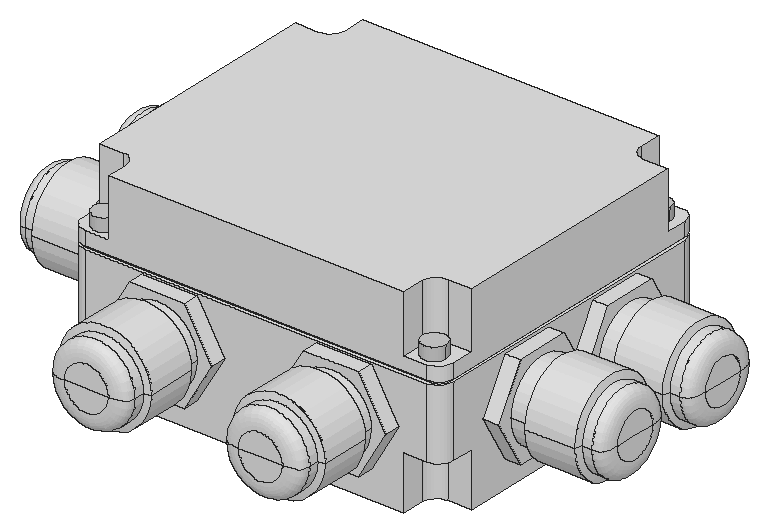
Revit family "ustroystvo soedinitelnoe_usb_sever", category Датчики, Revit 2016
Family settings
  Сохранять ориентацию аннотаций = Нет
  Тип детали = Нормальный
  Размер круглого соединителя = Использовать диаметр
  На основе рабочей плоскости = Нет
  Всегда вертикально = Да
  При загрузке вырезать с полостями = Нет
  Общий = Нет
  Точка расчета площади = Нет
Parameters (values of type "УС-4")
  Метизы = Металл
  Watermarked By = ""
  Type Comments = "﻿﻿                           ﻿       ﻿     ﻿       ​         ​       ​   ​                  ﻿      ​ ​  ​       ​     ​ ﻿​                    ﻿     ﻿       ﻿       ﻿     ​         ﻿               ﻿﻿"
  Изготовитель = "ООО НПП \"Магнито-Контакт\""
  Гермоввод = Пластик черный
  URL = "www.m-kontakt.ru"
  Keynote = "﻿﻿                           ﻿       ﻿     ﻿       ​         ​       ​   ​                  ﻿      ​ ​  ​       ​     ​ ﻿​                    ﻿     ﻿       ﻿       ﻿     ​         ﻿               ﻿﻿"
  Description = "﻿﻿                           ﻿       ﻿     ﻿       ​         ​       ​   ​                  ﻿      ​ ​  ​       ​     ​ ﻿​                    ﻿     ﻿       ﻿       ﻿     ​         ﻿               ﻿﻿"
  BL_Разработано = "support@bimlib.ru"  # constant formula
  BL_Email = "451694@bk.ru"  # constant formula
  BL_BIM library = "https://bimlib.ru/manufacturer/company/2873"
  Assembly Code = "﻿﻿                           ﻿       ﻿     ﻿       ​         ​       ​   ​                  ﻿      ​ ​  ​       ​     ​ ﻿​                    ﻿     ﻿       ﻿       ﻿     ​         ﻿               ﻿﻿"
  ADSK_Размер_Ширина = 157 mm
  ADSK_Размер_Длина = 200 mm
  ADSK_Размер_Высота = 67 mm
  ADSK_Примечание = ""
  ADSK_Позиция = ""
  ADSK_Обозначение = "АТФЕ.685552.001 ТУ"
  ADSK_Наименование = "Устройство соединительное УСБ «СЕВЕР»"
  ADSK_Материал = Пластик белый
  ADSK_Масса = 0.5
  ADSK_Код изделия = ""
  ADSK_Завод-изготовитель = "ООО НПП \"Магнито-Контакт\""
  ADSK_Единица измерения = "шт."
  ADSK_Версия Revit = "2016"  # constant formula
  ADSK_URL страницы изделия = ""
  ADSK_URL документации изделия = ""
Reference planes
  plane 1 "По центру (Вперед/Назад)": y = 0
  plane 2: z = 0
  plane 3 "По центру (Влево/Вправо)": x = 0
  plane 4: z = 67
  plane 5: x = -100
  plane 6: x = 100
  plane 7: y = 78.5
  plane 8: y = -78.5
  plane 9: x = -63
  plane 10: x = 63
  plane 11: y = 65
  plane 12: y = -43
Forms (mm)
  Revolve 1, solid, material "Пластик белый" <- "ADSK_Материал", detail levels fine
    sketch origin (-34.458, 27.906, 25.312) x (0, -1, 0) y (1, 0, 0)
      loop
        line (-15.46, -33.979) -> (-15.46, -40.804) -> (-17.762, -40.804) -> (-17.762, -57.606) -> (-15.46, -58.222) -> (-15.46, -61.652)
        spline (-15.46, -61.652) -> (-15.418, -62.273) -> (-15.292, -62.841) -> (-15.083, -63.354) -> (-14.79, -63.814) -> (-14.413, -64.219) -> (-13.952, -64.57) -> (-13.408, -64.867) -> (-12.78, -65.11) -> (-12.068, -65.3) -> (-11.272, -65.435) -> (-10.393, -65.516) -> (-9.43, -65.543)
        line (-9.43, -65.543) -> (-1.986, -65.543) -> (-1.986, -33.979) -> (-15.46, -33.979)
      axis (-1.986, -65.543) -> (-1.986, -33.979)
    angle from 0 to 360
  Extrusion 2, solid, material "Пластик белый" <- "ADSK_Материал", detail levels medium+fine
    sketch origin (0, 0, 0) x (1, 0, 0) y (0, 1, 0)
      loop
        arc (-58, 65) -> (-61.536, 63.536) -> (-63, 60) r 5
        line (-63, 60) -> (-63, -38)
        arc (-63, -38) -> (-61.536, -41.536) -> (-58, -43) r 5
        line (-58, -43) -> (58, -43)
        arc (58, -43) -> (61.536, -41.536) -> (63, -38) r 5
        line (63, -38) -> (63, 60)
        arc (63, 60) -> (61.536, 63.536) -> (58, 65) r 5
        line (58, 65) -> (-58, 65)
    from 0 to 67
  Extrusion 3, void
    sketch origin (0, 0, 0) x (1, 0, 0) y (0, 1, 0)
      loop
        line (-63, 65) -> (-63, 52.563) -> (-55.14, 52.563)
        arc (-55.14, 52.563) -> (-51.605, 54.027) -> (-50.14, 57.563) r 5
        line (-50.14, 57.563) -> (-50.14, 65) -> (-63, 65)
      loop
        line (63, 65) -> (50.14, 65) -> (50.14, 57.563)
        arc (50.14, 57.563) -> (51.605, 54.027) -> (55.14, 52.563) r 5
        line (55.14, 52.563) -> (63, 52.563) -> (63, 65)
      loop
        line (-63, -43) -> (-50.14, -43) -> (-50.14, -35.563)
        arc (-50.14, -35.563) -> (-51.605, -32.027) -> (-55.14, -30.563) r 5
        line (-55.14, -30.563) -> (-63, -30.563) -> (-63, -43)
      loop
        line (63, -43) -> (63, -30.563) -> (55.14, -30.563)
        arc (55.14, -30.563) -> (51.605, -32.027) -> (50.14, -35.563) r 5
        line (50.14, -35.563) -> (50.14, -43) -> (63, -43)
    from 0 to 18.199
  Extrusion 4, void
    sketch origin (0, 0, 67.764) x (0, -1, 0) y (1, 0, 0)
      loop
        line (-65, -63) -> (-52.563, -63) -> (-52.563, -55.14)
        arc (-52.563, -55.14) -> (-54.027, -51.605) -> (-57.563, -50.14) r 5
        line (-57.563, -50.14) -> (-65, -50.14) -> (-65, -63)
      loop
        line (-65, 63) -> (-65, 50.14) -> (-57.563, 50.14)
        arc (-57.563, 50.14) -> (-54.027, 51.605) -> (-52.563, 55.14) r 5
        line (-52.563, 55.14) -> (-52.563, 63) -> (-65, 63)
      loop
        line (43, -63) -> (43, -50.14) -> (35.563, -50.14)
        arc (35.563, -50.14) -> (32.027, -51.605) -> (30.563, -55.14) r 5
        line (30.563, -55.14) -> (30.563, -63) -> (43, -63)
      loop
        line (43, 63) -> (30.563, 63) -> (30.563, 55.14)
        arc (30.563, 55.14) -> (32.027, 51.605) -> (35.563, 50.14) r 5
        line (35.563, 50.14) -> (43, 50.14) -> (43, 63)
    from -20 to -0.764
  Extrusion 5, solid, material "Пластик белый" <- "ADSK_Материал", detail levels fine
    sketch origin (0, 48.955, -4.58) x (0, 0, 1) y (0, -1, 0)
      loop
        line (29.892, 37.487) -> (13.936, 28.275) -> (13.936, 9.85) -> (29.892, 0.638) -> (45.849, 9.85) -> (45.849, 28.275) -> (29.892, 37.487)
    from -68.437 to -63
  Revolve 6, solid, material "Пластик белый" <- "ADSK_Материал", detail levels fine
    sketch origin (-34.458, -9.316, 25.312) x (0, -1, 0) y (1, 0, 0)
      loop
        line (-15.46, -33.979) -> (-15.46, -40.804) -> (-17.762, -40.804) -> (-17.762, -57.606) -> (-15.46, -58.222) -> (-15.46, -61.652)
        spline (-15.46, -61.652) -> (-15.418, -62.273) -> (-15.292, -62.841) -> (-15.083, -63.354) -> (-14.79, -63.814) -> (-14.413, -64.219) -> (-13.952, -64.57) -> (-13.408, -64.867) -> (-12.78, -65.11) -> (-12.068, -65.3) -> (-11.272, -65.435) -> (-10.393, -65.516) -> (-9.43, -65.543)
        line (-9.43, -65.543) -> (-1.986, -65.543) -> (-1.986, -33.979) -> (-15.46, -33.979)
      axis (-1.986, -65.543) -> (-1.986, -33.979)
    angle from 0 to 360
  Extrusion 7, solid, material "Пластик белый" <- "ADSK_Материал", detail levels fine
    sketch origin (0, 11.733, -4.58) x (0, 0, 1) y (0, -1, 0)
      loop
        line (29.892, 37.487) -> (13.936, 28.275) -> (13.936, 9.85) -> (29.892, 0.638) -> (45.849, 9.85) -> (45.849, 28.275) -> (29.892, 37.487)
    from -68.437 to -63
  Revolve 8, solid, material "Пластик белый" <- "ADSK_Материал", detail levels fine
    sketch origin (34.458, 27.906, 25.312) x (0, -1, 0) y (1, 0, 0)
      loop
        line (-15.46, 33.979) -> (-1.986, 33.979) -> (-1.986, 65.543) -> (-9.43, 65.543)
        spline (-9.43, 65.543) -> (-10.393, 65.516) -> (-11.272, 65.435) -> (-12.068, 65.3) -> (-12.78, 65.11) -> (-13.408, 64.867) -> (-13.952, 64.57) -> (-14.413, 64.219) -> (-14.79, 63.814) -> (-15.083, 63.354) -> (-15.292, 62.841) -> (-15.418, 62.273) -> (-15.46, 61.652)
        line (-15.46, 61.652) -> (-15.46, 58.222) -> (-17.762, 57.606) -> (-17.762, 40.804) -> (-15.46, 40.804) -> (-15.46, 33.979)
      axis (-1.986, 65.543) -> (-1.986, 33.979)
    angle from 0 to 360
  Extrusion 9, solid, material "Пластик белый" <- "ADSK_Материал", detail levels fine
    sketch origin (0, 48.955, -4.58) x (0, 0, 1) y (0, 1, 0)
      loop
        line (29.892, -37.487) -> (45.849, -28.275) -> (45.849, -9.85) -> (29.892, -0.638) -> (13.936, -9.85) -> (13.936, -28.275) -> (29.892, -37.487)
    from -68.437 to -63
  Revolve 10, solid, material "Пластик белый" <- "ADSK_Материал", detail levels fine
    sketch origin (34.458, -9.316, 25.312) x (0, -1, 0) y (1, 0, 0)
      loop
        line (-15.46, 33.979) -> (-1.986, 33.979) -> (-1.986, 65.543) -> (-9.43, 65.543)
        spline (-9.43, 65.543) -> (-10.393, 65.516) -> (-11.272, 65.435) -> (-12.068, 65.3) -> (-12.78, 65.11) -> (-13.408, 64.867) -> (-13.952, 64.57) -> (-14.413, 64.219) -> (-14.79, 63.814) -> (-15.083, 63.354) -> (-15.292, 62.841) -> (-15.418, 62.273) -> (-15.46, 61.652)
        line (-15.46, 61.652) -> (-15.46, 58.222) -> (-17.762, 57.606) -> (-17.762, 40.804) -> (-15.46, 40.804) -> (-15.46, 33.979)
      axis (-1.986, 65.543) -> (-1.986, 33.979)
    angle from 0 to 360
  Extrusion 11, solid, material "Пластик белый" <- "ADSK_Материал", detail levels fine
    sketch origin (0, 11.733, -4.58) x (0, 0, 1) y (0, 1, 0)
      loop
        line (29.892, -37.487) -> (45.849, -28.275) -> (45.849, -9.85) -> (29.892, -0.638) -> (13.936, -9.85) -> (13.936, -28.275) -> (29.892, -37.487)
    from -68.437 to -63
  Revolve 12, solid, material "Пластик белый" <- "ADSK_Материал", detail levels fine
    sketch origin (27.821, -12.954, 25.312) x (-1, 0, 0) y (0, -1, 0)
      loop
        line (-15.46, 35.47) -> (-1.986, 35.47) -> (-1.986, 65.543) -> (-9.43, 65.543)
        spline (-9.43, 65.543) -> (-10.393, 65.516) -> (-11.272, 65.435) -> (-12.068, 65.3) -> (-12.78, 65.11) -> (-13.408, 64.867) -> (-13.952, 64.57) -> (-14.413, 64.219) -> (-14.79, 63.814) -> (-15.083, 63.354) -> (-15.292, 62.841) -> (-15.418, 62.273) -> (-15.46, 61.652)
        line (-15.46, 61.652) -> (-15.46, 58.222) -> (-17.762, 57.606) -> (-17.762, 40.804) -> (-15.46, 40.804) -> (-15.46, 35.47)
      axis (-1.986, 65.543) -> (-1.986, 35.47)
    angle from 0 to 360
  Extrusion 13, solid, material "Пластик белый" <- "ADSK_Материал", detail levels fine
    sketch origin (48.869, 20, -4.58) x (0, 0, 1) y (1, 0, 0)
      loop
        line (29.892, -37.487) -> (45.849, -28.275) -> (45.849, -9.85) -> (29.892, -0.638) -> (13.936, -9.85) -> (13.936, -28.275) -> (29.892, -37.487)
    from -68.437 to -63
  Revolve 14, solid, material "Пластик белый" <- "ADSK_Материал", detail levels fine
    sketch origin (-31.242, -12.954, 25.312) x (-1, 0, 0) y (0, -1, 0)
      loop
        line (-15.46, 35.47) -> (-1.986, 35.47) -> (-1.986, 65.543) -> (-9.43, 65.543)
        spline (-9.43, 65.543) -> (-10.393, 65.516) -> (-11.272, 65.435) -> (-12.068, 65.3) -> (-12.78, 65.11) -> (-13.408, 64.867) -> (-13.952, 64.57) -> (-14.413, 64.219) -> (-14.79, 63.814) -> (-15.083, 63.354) -> (-15.292, 62.841) -> (-15.418, 62.273) -> (-15.46, 61.652)
        line (-15.46, 61.652) -> (-15.46, 58.222) -> (-17.762, 57.606) -> (-17.762, 40.804) -> (-15.46, 40.804) -> (-15.46, 35.47)
      axis (-1.986, 65.543) -> (-1.986, 35.47)
    angle from 0 to 360
  Extrusion 15, solid, material "Пластик белый" <- "ADSK_Материал", detail levels fine
    sketch origin (-10.193, 20, -4.58) x (0, 0, 1) y (1, 0, 0)
      loop
        line (29.892, -37.487) -> (45.849, -28.275) -> (45.849, -9.85) -> (29.892, -0.638) -> (13.936, -9.85) -> (13.936, -28.275) -> (29.892, -37.487)
    from -68.437 to -63
  Extrusion 16, solid, material "Металл" <- "Метизы", detail levels fine
    sketch origin (0, 0, 0) x (1, 0, 0) y (0, 1, 0)
      loop
        circle (-55.874, 57.647) r 4.054
      loop
        circle (55.874, 57.647) r 4.054
      loop
        circle (-55.874, -37.353) r 4.054
      loop
        circle (55.874, -37.353) r 4.054
    from 47.764 to 51.961
  Extrusion 17, void
    sketch origin (0, 0, 0) x (1, 0, 0) y (0, 1, 0)
      loop
        arc (-58, 65) -> (-61.536, 63.536) -> (-63, 60) r 5
        line (-63, 60) -> (-63, -38)
        arc (-63, -38) -> (-61.536, -41.536) -> (-58, -43) r 5
        line (-58, -43) -> (58, -43)
        arc (58, -43) -> (61.536, -41.536) -> (63, -38) r 5
        line (63, -38) -> (63, 60)
        arc (63, 60) -> (61.536, 63.536) -> (58, 65) r 5
        line (58, 65) -> (-58, 65)
      loop
        line (-62, 60) -> (-62, -38)
        arc (-62, -38) -> (-60.828, -40.828) -> (-58, -42) r 4
        line (-58, -42) -> (58, -42)
        arc (58, -42) -> (60.828, -40.828) -> (62, -38) r 4
        line (62, -38) -> (62, 60)
        arc (62, 60) -> (60.828, 62.828) -> (58, 64) r 4
        line (58, 64) -> (-58, 64)
        arc (-58, 64) -> (-60.828, 62.828) -> (-62, 60) r 4
    from 42 to 43
Cuts and joins
  Extrusion 3, Extrusion 4, Extrusion 17 cuts Extrusion 2
  Extrusion 17 cuts Extrusion 5
  Extrusion 17 cuts Extrusion 7
  Extrusion 17 cuts Extrusion 9
  Extrusion 17 cuts Extrusion 11
  Extrusion 17 cuts Extrusion 13
  Extrusion 17 cuts Extrusion 15
Dimensions and locks
  "ADSK_Размер_Высота": level to plane 4
  equal spacing: plane 7, plane 1 "По центру (Вперед/Назад)", plane 8
  "ADSK_Размер_Ширина": plane 7 to plane 8
  equal spacing: plane 5, plane 3 "По центру (Влево/Вправо)", plane 6
  "ADSK_Размер_Длина": plane 5 to plane 6
  aligned and locked: level to plane 2
  aligned and locked: Extrusion 2 sketch curve to plane 11
  aligned and locked: Extrusion 2 sketch curve to plane 9
  aligned and locked: Extrusion 2 sketch curve to plane 12
  aligned and locked: Extrusion 2 sketch curve to plane 10
  aligned and locked: plane 4 to Extrusion 2
Automatic sketch dimensions
  plane 5 to Revolve 1 sketch curve = 7.936 mm
  Revolve 1 sketch curve to plane 11 = 19.332 mm
  Revolve 1 sketch curve to Revolve 1 sketch curve = 2.302 mm  (x2)
  plane 5 to Revolve 1 sketch curve = 3.89 mm
  Revolve 1 sketch curve to plane 5 = 0.001 mm
  Revolve 1 sketch curve to Revolve 1 sketch curve = 6.03 mm
  Revolve 1 sketch curve to Revolve 1 sketch curve = 7.444 mm
  Revolve 1 sketch curve to Revolve 1 sketch curve = 0.617 mm
  plane 9 to Revolve 1 sketch curve = 12.262 mm
  plane 9 to Revolve 1 sketch curve = 5.437 mm
  Revolve 1 sketch curve to Revolve 1 sketch curve = 0 mm
  Revolve 1 sketch curve to Revolve 1 sketch curve = 9.062 mm
  Revolve 1 sketch curve to plane 9 = 7.147 mm
  Extrusion 2 sketch curve to plane 9 = 5 mm  (x2)
  Extrusion 2 sketch curve to plane 10 = 5 mm  (x2)
  Extrusion 3 sketch curve to plane 9 = 0 mm  (x2)
  plane 12 to Extrusion 3 sketch curve = 0 mm  (x2)
  Extrusion 3 sketch curve to plane 11 = 0 mm  (x2)
  Extrusion 3 sketch curve to plane 10 = 0 mm  (x2)
  Extrusion 3 sketch curve to plane 9 = 7.86 mm  (x2)
  Extrusion 3 sketch curve to Extrusion 3 sketch curve = 5 mm  (x4)
  Extrusion 3 sketch curve to plane 10 = 12.86 mm  (x2)
  Extrusion 3 sketch curve to plane 12 = 7.437 mm  (x2)
  Extrusion 3 sketch curve to plane 11 = 12.437 mm  (x2)
  Extrusion 4 sketch curve to plane 9 = 0 mm  (x2)
  Extrusion 4 sketch curve to plane 11 = 0 mm  (x2)
  Extrusion 4 sketch curve to plane 10 = 0 mm  (x2)
  Extrusion 4 sketch curve to plane 12 = 0 mm
  plane 12 to Extrusion 4 sketch curve = 0 mm
  Extrusion 4 sketch curve to plane 11 = 7.437 mm  (x2)
  Extrusion 4 sketch curve to Extrusion 4 sketch curve = 5 mm  (x4)
  Extrusion 4 sketch curve to plane 12 = 12.437 mm
  Extrusion 4 sketch curve to Extrusion 4 sketch curve = 12.437 mm
  Extrusion 4 sketch curve to plane 9 = 7.86 mm  (x2)
  Extrusion 4 sketch curve to plane 10 = 12.86 mm  (x2)
  Revolve 6 sketch curve to plane 1 "По центру (Вперед/Назад)" = 8.446 mm
  Revolve 6 sketch curve to Revolve 6 sketch curve = 2.302 mm  (x2)
  Revolve 6 sketch curve to plane 5 = 0.001 mm
  Revolve 6 sketch curve to plane 1 "По центру (Вперед/Назад)" = 0.114 mm
  plane 1 "По центру (Вперед/Назад)" to Revolve 6 sketch curve = 7.33 mm  (x2)
  plane 5 to Revolve 6 sketch curve = 3.89 mm
  Revolve 6 sketch curve to Revolve 6 sketch curve = 3.43 mm
  Revolve 6 sketch curve to Revolve 6 sketch curve = 0.617 mm
  plane 9 to Revolve 6 sketch curve = 12.262 mm
  plane 9 to Revolve 6 sketch curve = 5.437 mm
  Revolve 6 sketch curve to Revolve 6 sketch curve = 9.062 mm
  Revolve 6 sketch curve to plane 9 = 7.147 mm
  plane 6 to Revolve 8 sketch curve = 7.936 mm
  Revolve 8 sketch curve to plane 11 = 19.332 mm
  Revolve 8 sketch curve to Revolve 8 sketch curve = 2.302 mm  (x2)
  plane 6 to Revolve 8 sketch curve = 3.89 mm
  Revolve 8 sketch curve to plane 6 = 0.001 mm
  Revolve 8 sketch curve to Revolve 8 sketch curve = 6.03 mm
  Revolve 8 sketch curve to Revolve 8 sketch curve = 7.444 mm
  plane 10 to Revolve 8 sketch curve = 12.262 mm
  plane 10 to Revolve 8 sketch curve = 5.437 mm
  Revolve 8 sketch curve to Revolve 8 sketch curve = 0.617 mm
  Revolve 8 sketch curve to Revolve 8 sketch curve = 0 mm
  Revolve 8 sketch curve to Revolve 8 sketch curve = 9.062 mm
  Revolve 8 sketch curve to plane 10 = 7.147 mm
  Revolve 10 sketch curve to plane 1 "По центру (Вперед/Назад)" = 8.446 mm
  Revolve 10 sketch curve to Revolve 10 sketch curve = 2.302 mm  (x2)
  Revolve 10 sketch curve to plane 6 = 0.001 mm
  Revolve 10 sketch curve to plane 1 "По центру (Вперед/Назад)" = 0.114 mm
  plane 1 "По центру (Вперед/Назад)" to Revolve 10 sketch curve = 7.33 mm  (x2)
  plane 6 to Revolve 10 sketch curve = 3.89 mm
  Revolve 10 sketch curve to Revolve 10 sketch curve = 3.43 mm
  Revolve 10 sketch curve to Revolve 10 sketch curve = 0.617 mm
  plane 10 to Revolve 10 sketch curve = 12.262 mm
  plane 10 to Revolve 10 sketch curve = 5.437 mm
  Revolve 10 sketch curve to Revolve 10 sketch curve = 9.062 mm
  Revolve 10 sketch curve to plane 10 = 7.147 mm
  plane 8 to Revolve 12 sketch curve = 7.94 mm
  Revolve 12 sketch curve to plane 10 = 17.417 mm
  Revolve 12 sketch curve to Revolve 12 sketch curve = 2.302 mm  (x2)
  plane 8 to Revolve 12 sketch curve = 3.894 mm
  plane 8 to Revolve 12 sketch curve = 0.003 mm
  Revolve 12 sketch curve to Revolve 12 sketch curve = 6.03 mm
  Revolve 12 sketch curve to Revolve 12 sketch curve = 7.444 mm
  plane 12 to Revolve 12 sketch curve = 10.758 mm
  Revolve 12 sketch curve to Revolve 12 sketch curve = 5.333 mm
  Revolve 12 sketch curve to Revolve 12 sketch curve = 0.617 mm
  Revolve 12 sketch curve to Revolve 12 sketch curve = 0 mm
  Revolve 12 sketch curve to Revolve 12 sketch curve = 7.571 mm
  Revolve 12 sketch curve to plane 12 = 8.651 mm
  Revolve 14 sketch curve to plane 3 "По центру (Влево/Вправо)" = 13.48 mm
  Revolve 14 sketch curve to Revolve 14 sketch curve = 2.302 mm  (x2)
  plane 8 to Revolve 14 sketch curve = 3.894 mm
  plane 8 to Revolve 14 sketch curve = 0.003 mm
  Revolve 14 sketch curve to Revolve 14 sketch curve = 6.03 mm
  Revolve 14 sketch curve to Revolve 14 sketch curve = 7.444 mm
  Revolve 14 sketch curve to Revolve 14 sketch curve = 3.43 mm
  Revolve 14 sketch curve to Revolve 14 sketch curve = 0.617 mm
  plane 12 to Revolve 14 sketch curve = 10.758 mm
  Revolve 14 sketch curve to Revolve 14 sketch curve = 5.333 mm
  Revolve 14 sketch curve to Revolve 14 sketch curve = 0 mm
  Revolve 14 sketch curve to Revolve 14 sketch curve = 7.571 mm
  Revolve 14 sketch curve to plane 12 = 8.651 mm
  Extrusion 16 sketch curve to plane 9 = 7.126 mm  (x2)
  Extrusion 16 sketch curve to plane 10 = 7.126 mm  (x2)
  Extrusion 16 sketch curve to plane 12 = 5.647 mm  (x2)
  Extrusion 16 sketch curve to plane 11 = 7.353 mm  (x2)
  Extrusion 17 sketch curve to plane 9 = 0 mm
  Extrusion 17 sketch curve to plane 11 = 0 mm
  Extrusion 17 sketch curve to plane 9 = 5 mm  (x2)
  Extrusion 17 sketch curve to plane 10 = 5 mm
  Extrusion 17 sketch curve to plane 10 = 0 mm
  Extrusion 17 sketch curve to plane 12 = 5 mm
  plane 12 to Extrusion 17 sketch curve = 0 mm
  Extrusion 17 sketch curve to Extrusion 17 sketch curve = 0 mm  (x7)
  Extrusion 17 sketch curve to plane 9 = 1 mm
  level to Extrusion 15 sketch curve = 9.356 mm
  Extrusion 15 sketch curve to Extrusion 15 sketch curve = 15.956 mm  (x3)
  Extrusion 15 sketch curve to plane 3 "По центру (Влево/Вправо)" = 10.831 mm
  Extrusion 15 sketch curve to Extrusion 15 sketch curve = 9.212 mm  (x2)
  Extrusion 15 sketch curve to Extrusion 15 sketch curve = 18.425 mm  (x2)
  Extrusion 15 sketch curve to plane 9 = 15.32 mm
  level to Extrusion 13 sketch curve = 9.356 mm
  plane 3 "По центру (Влево/Вправо)" to Extrusion 13 sketch curve = 11.382 mm
  Extrusion 13 sketch curve to Extrusion 13 sketch curve = 15.956 mm  (x3)
  Extrusion 13 sketch curve to Extrusion 13 sketch curve = 9.212 mm  (x2)
  Extrusion 13 sketch curve to Extrusion 13 sketch curve = 18.425 mm  (x2)
  Extrusion 13 sketch curve to plane 10 = 14.768 mm
  level to Extrusion 11 sketch curve = 9.356 mm
  Extrusion 11 sketch curve to Extrusion 11 sketch curve = 15.956 mm  (x3)
  Extrusion 11 sketch curve to plane 1 "По центру (Вперед/Назад)" = 11.095 mm
  Extrusion 11 sketch curve to plane 1 "По центру (Вперед/Назад)" = 1.883 mm  (x2)
  plane 1 "По центру (Вперед/Назад)" to Extrusion 11 sketch curve = 16.542 mm  (x2)
  Extrusion 11 sketch curve to plane 12 = 17.246 mm
  level to Extrusion 7 sketch curve = 9.356 mm
  Extrusion 7 sketch curve to Extrusion 7 sketch curve = 15.956 mm  (x3)
  Extrusion 7 sketch curve to plane 1 "По центру (Вперед/Назад)" = 11.095 mm
  Extrusion 7 sketch curve to plane 1 "По центру (Вперед/Назад)" = 1.883 mm  (x2)
  plane 1 "По центру (Вперед/Назад)" to Extrusion 7 sketch curve = 16.542 mm  (x2)
  Extrusion 7 sketch curve to plane 12 = 17.246 mm
  level to Extrusion 9 sketch curve = 9.356 mm
  Extrusion 9 sketch curve to plane 1 "По центру (Вперед/Назад)" = 11.468 mm
  Extrusion 9 sketch curve to Extrusion 9 sketch curve = 15.956 mm  (x3)
  Extrusion 9 sketch curve to Extrusion 9 sketch curve = 9.212 mm  (x2)
  Extrusion 9 sketch curve to Extrusion 9 sketch curve = 18.425 mm  (x2)
  Extrusion 9 sketch curve to plane 11 = 16.683 mm
  level to Extrusion 5 sketch curve = 9.356 mm
  Extrusion 5 sketch curve to plane 1 "По центру (Вперед/Назад)" = 11.468 mm
  Extrusion 5 sketch curve to Extrusion 5 sketch curve = 15.956 mm  (x3)
  Extrusion 5 sketch curve to Extrusion 5 sketch curve = 9.212 mm  (x2)
  Extrusion 5 sketch curve to Extrusion 5 sketch curve = 18.425 mm  (x2)
  Extrusion 5 sketch curve to plane 11 = 16.683 mm
  radius of Extrusion 16 sketch curve = 4.054 mm  (x4)
Nested families
  nested 1: "уго_коробка" at (0, 0, 0), type "уго_коробка", detail levels coarse
Connectors
  electrical at (0, 11, 0)
    settings: on cut or joined group of Extrusion 2, Extrusion 3, Extrusion 4, Extrusion 17, index 1, voltage 0 V, apparent load 0 VA, apparent load phase1 0 VA, apparent load phase2 0 VA, apparent load phase3 0 VA, power factor 1, load classification "Прочее", number of poles 1, system type 10, power factor state 1, is connector primary yes, connector utility no, sub classification motor no, connector description ""
Definition of nested family "уго_коробка"
  Parameters (values of type "уго_коробка")
    Watermarked By = ""
  Reference planes
    plane 1: y = 0
    plane 2: x = 0
  Lines and regions (mm)
    detail lines
      curve 1: circle (0, 0, 0) r 1.462 normal (0, 0, 1)
